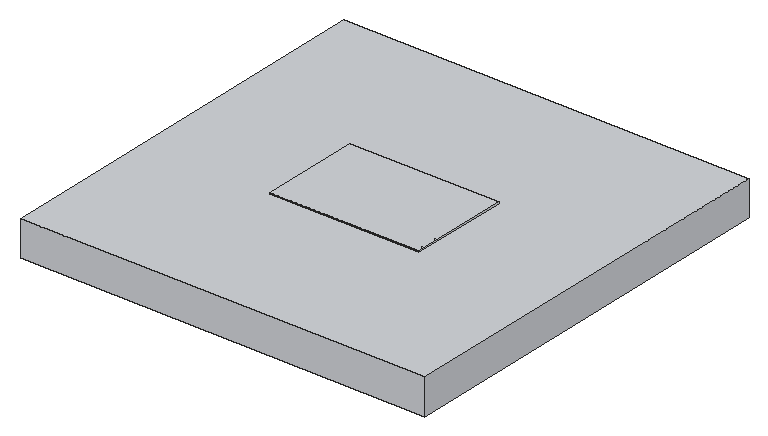
Revit family "Grelha de retorno - Grelha retangular com Plenum - Horizontal - Hospedada", category Terminais de ar, Revit 2019
Family settings
  Hospedeiro = Face
  Cota do conector redondo = Utilizar diâmetro
  Tipo de parte = Normal
  ID de item do Seek = Exhaust Grille - Rectangular Face Square Neck - Hosted-0000-CAN-ENU
  Corte com vazios quando carregada = Não
  Compartilhado = Não
  Ponto de cálculo do ambiente = Não
Parameters (values of type "Padrão")
  Área seccional = 0.00 m²
  Queda de pressão [instance] = 1.5 Pa
  Largura do plenum = 860 mm
  Altura do plenum = 560 mm
  Profundidade do Plenum = 200 mm
  Número [instance] = Comprimento 2 / 20 mm  # 27
  Comprimento 2 [instance] = Altura da grelha - 2 * (26.987 mm)  # 546.025 mm
  Comprimento 1 [instance] = Largura da grelha - 2 * 26.987 mm  # 846.025 mm
  Meia largura da grelha [instance] = Largura da grelha / 2  # 450 mm
  Altura da grelha = Altura do plenum + 40 mm  # 600 mm
  Material da grelha = none
  Largura da grelha = Largura do plenum + 40 mm  # 900 mm
  Profundidade da grelha = 51 mm
  Altura do duto [instance] = 300 mm
  Largura do duto [instance] = 500 mm
  Meia largura do Plenum [instance] = Largura do plenum / 2  # 430 mm
  Elevação-padrão = 1200 mm
  Fluxo de ar [instance] = 127.0 L/s
Reference planes
  plane 1 "Centro (frente/trás)": y = 0
  plane 2: z = 0
  plane 3 "Centro (direita/esquerda)": x = 0
  plane 4: x = -450
  plane 5: x = 450
  plane 6: y = 300
  plane 7: y = -300
  plane 8 "1": z = 6.35
  plane 9: y = 280
  plane 10: y = -280
  plane 11: x = -430
  plane 12: x = 430
  plane 13: z = -44.45
  plane 14: x = -423.012
  plane 15: x = 423.013
  plane 16: y = 273.012
  plane 17: y = -273.013
  plane 18 "Plenum": z = -200
  plane 19: y = 253.012
Forms (mm)
  Extrusion 1, solid
    sketch origin (0, 0, 0) x (1, 0, 0) y (0, 1, 0)
      loop
        line (-1216.8, 1219.2) -> (-1216.8, -1219.2) -> (1216.8, -1219.2) -> (1216.8, 1219.2) -> (-1216.8, 1219.2)
    from 0 to -214.45
  Extrusion 2, solid, material <- "Material da grelha"
    sketch origin (0, 0, 0) x (1, 0, 0) y (0, 1, 0)
      loop
        line (-450, 300) -> (-450, -300) -> (450, -300) -> (450, 300) -> (-450, 300)
    from 0 to 6.35
  Extrusion 3, solid, material <- "Material da grelha"
    sketch origin (0, 0, 0) x (1, 0, 0) y (0, 1, 0)
      loop
        line (-430, 280) -> (-430, -280) -> (430, -280) -> (430, 280) -> (-430, 280)
    from 0 to -200
Cuts and joins
  joined: Extrusion 2, Extrusion 3
Lines and regions (mm)
  model lines
    curve 1: line (-423.013, 273.012, 6.35) -> (-423.013, -273.013, 6.35)
    curve 2: line (423.013, 273.012, 6.35) -> (423.013, -273.013, 6.35)
    curve 3: line (-423.013, -273.013, 6.35) -> (423.013, -273.013, 6.35)
Dimensions and locks
  equal spacing: plane 6, plane 1 "Centro (frente/trás)", plane 7
  "Altura da grelha": plane 6 to plane 7
  locked: plane 8 "1" to plane 2 at 6.35
  equal spacing: plane 9, plane 1 "Centro (frente/trás)", plane 10
  locked: plane 2 to plane 13 at 44.45
  locked: plane 4 to plane 14 at 26.987
  locked: plane 15 to plane 5 at 26.988
  locked: plane 6 to plane 16 at 26.988
  locked: plane 17 to plane 7 at 26.988
  "Meia largura do Plenum": plane 11 to plane 3 "Centro (direita/esquerda)"
  "Meia largura do Plenum": plane 3 "Centro (direita/esquerda)" to plane 12
  "Meia largura da grelha": plane 4 to plane 3 "Centro (direita/esquerda)"
  "Meia largura da grelha": plane 3 "Centro (direita/esquerda)" to plane 5
  "Profundidade do Plenum": plane 2 to plane 18 "Plenum"
  "Altura do plenum": plane 9 to plane 10
  locked: plane 16 to plane 19 at 20
  equal spacing: group 1, group 2, group 3, group 4, group 5, group 6, group 7, group 8, group 9, group 10, group 11, group 12, group 13, group 14, group 15, group 16, group 17, group 18, group 19, group 20, group 21, group 22, group 23, group 24, group 25, group 26, group 27  (x2)
  equal spacing: group 27, group 26, group 25, group 24, group 23, group 22, group 21, group 20, group 19, group 18, group 17, group 16, group 15, group 14, group 13, group 12, group 11, group 10, group 9, group 8, group 7, group 6, group 5, group 4, group 3, group 2, group 1
  aligned and locked: plane 2 to Extrusion 1
  aligned and locked: level to Extrusion 1
  aligned and locked: plane 4 to Extrusion 2 sketch curve
  aligned and locked: Extrusion 2 sketch curve to plane 6
  aligned and locked: plane 7 to Extrusion 2 sketch curve
  aligned and locked: Extrusion 2 sketch curve to plane 5
  aligned and locked: plane 8 "1" to Extrusion 2
  aligned and locked: Extrusion 2 to plane 2
  aligned and locked: plane 11 to Extrusion 3 sketch curve
  aligned and locked: Extrusion 3 sketch curve to plane 9
  aligned and locked: plane 10 to Extrusion 3 sketch curve
  aligned and locked: Extrusion 3 sketch curve to plane 12
  aligned and locked: plane 2 to Extrusion 3
  aligned and locked: plane 17 to curve 2
  aligned and locked: curve 2 to plane 15
  aligned and locked: plane 16 to curve 2
  aligned and locked: curve 1 to curve 3
  aligned and locked: curve 2 to curve 3
  aligned and locked: curve 3 to plane 17
  aligned and locked: Extrusion 3 to plane 18 "Plenum"
  aligned and locked: nested 1 to plane 8 "1"
  aligned and locked: plane 14 to nested 1
  aligned and locked: plane 15 to nested 1
  aligned and locked: nested 1 to plane 16
  aligned and locked: plane 14 to nested 2
  aligned and locked: plane 15 to nested 2
  aligned and locked: nested 2 to plane 19
  aligned and locked: nested 2 to plane 8 "1"
Automatic sketch dimensions
  curve 1 to plane 16 = 0 mm
  curve 3 to plane 14 = 0 mm
  Extrusion 1 sketch curve to Extrusion 1 sketch curve = 2433.6 mm
  Extrusion 1 sketch curve to Extrusion 1 sketch curve = 2438.4 mm
Nested families
  nested 1: "M_Grelha do exaustor do pescoço quadrado com face retangular - Grelha-hospedada" at (-423.012, 273.013, 6.35), type "Grelha do exaustor do pescoço quadrado com face retangular - Grelha-hospedada"
  nested 2: "M_Grelha do exaustor do pescoço quadrado com face retangular - Grelha-hospedada" at (-423.012, 253.013, 6.35), type "Grelha do exaustor do pescoço quadrado com face retangular - Grelha-hospedada"
  nested 3: "M_Grelha do exaustor do pescoço quadrado com face retangular - Grelha-hospedada" at (-423.012, 233.013, 6.35), type "Grelha do exaustor do pescoço quadrado com face retangular - Grelha-hospedada"
  nested 4: "M_Grelha do exaustor do pescoço quadrado com face retangular - Grelha-hospedada" at (-423.012, 213.013, 6.35), type "Grelha do exaustor do pescoço quadrado com face retangular - Grelha-hospedada"
  nested 5: "M_Grelha do exaustor do pescoço quadrado com face retangular - Grelha-hospedada" at (-423.012, 193.013, 6.35), type "Grelha do exaustor do pescoço quadrado com face retangular - Grelha-hospedada"
  nested 6: "M_Grelha do exaustor do pescoço quadrado com face retangular - Grelha-hospedada" at (-423.012, 173.013, 6.35), type "Grelha do exaustor do pescoço quadrado com face retangular - Grelha-hospedada"
  nested 7: "M_Grelha do exaustor do pescoço quadrado com face retangular - Grelha-hospedada" at (-423.012, 153.013, 6.35), type "Grelha do exaustor do pescoço quadrado com face retangular - Grelha-hospedada"
  nested 8: "M_Grelha do exaustor do pescoço quadrado com face retangular - Grelha-hospedada" at (-423.012, 133.013, 6.35), type "Grelha do exaustor do pescoço quadrado com face retangular - Grelha-hospedada"
  nested 9: "M_Grelha do exaustor do pescoço quadrado com face retangular - Grelha-hospedada" at (-423.012, 113.013, 6.35), type "Grelha do exaustor do pescoço quadrado com face retangular - Grelha-hospedada"
  nested 10: "M_Grelha do exaustor do pescoço quadrado com face retangular - Grelha-hospedada" at (-423.012, 93.013, 6.35), type "Grelha do exaustor do pescoço quadrado com face retangular - Grelha-hospedada"
  nested 11: "M_Grelha do exaustor do pescoço quadrado com face retangular - Grelha-hospedada" at (-423.012, 73.013, 6.35), type "Grelha do exaustor do pescoço quadrado com face retangular - Grelha-hospedada"
  nested 12: "M_Grelha do exaustor do pescoço quadrado com face retangular - Grelha-hospedada" at (-423.012, 53.013, 6.35), type "Grelha do exaustor do pescoço quadrado com face retangular - Grelha-hospedada"
  nested 13: "M_Grelha do exaustor do pescoço quadrado com face retangular - Grelha-hospedada" at (-423.012, 33.013, 6.35), type "Grelha do exaustor do pescoço quadrado com face retangular - Grelha-hospedada"
  nested 14: "M_Grelha do exaustor do pescoço quadrado com face retangular - Grelha-hospedada" at (-423.012, 13.013, 6.35), type "Grelha do exaustor do pescoço quadrado com face retangular - Grelha-hospedada"
  nested 15: "M_Grelha do exaustor do pescoço quadrado com face retangular - Grelha-hospedada" at (-423.012, -6.987, 6.35), type "Grelha do exaustor do pescoço quadrado com face retangular - Grelha-hospedada"
  nested 16: "M_Grelha do exaustor do pescoço quadrado com face retangular - Grelha-hospedada" at (-423.012, -26.987, 6.35), type "Grelha do exaustor do pescoço quadrado com face retangular - Grelha-hospedada"
  nested 17: "M_Grelha do exaustor do pescoço quadrado com face retangular - Grelha-hospedada" at (-423.012, -46.987, 6.35), type "Grelha do exaustor do pescoço quadrado com face retangular - Grelha-hospedada"
  nested 18: "M_Grelha do exaustor do pescoço quadrado com face retangular - Grelha-hospedada" at (-423.012, -66.987, 6.35), type "Grelha do exaustor do pescoço quadrado com face retangular - Grelha-hospedada"
  nested 19: "M_Grelha do exaustor do pescoço quadrado com face retangular - Grelha-hospedada" at (-423.012, -86.987, 6.35), type "Grelha do exaustor do pescoço quadrado com face retangular - Grelha-hospedada"
  nested 20: "M_Grelha do exaustor do pescoço quadrado com face retangular - Grelha-hospedada" at (-423.012, -106.987, 6.35), type "Grelha do exaustor do pescoço quadrado com face retangular - Grelha-hospedada"
  nested 21: "M_Grelha do exaustor do pescoço quadrado com face retangular - Grelha-hospedada" at (-423.012, -126.987, 6.35), type "Grelha do exaustor do pescoço quadrado com face retangular - Grelha-hospedada"
  nested 22: "M_Grelha do exaustor do pescoço quadrado com face retangular - Grelha-hospedada" at (-423.012, -146.987, 6.35), type "Grelha do exaustor do pescoço quadrado com face retangular - Grelha-hospedada"
  nested 23: "M_Grelha do exaustor do pescoço quadrado com face retangular - Grelha-hospedada" at (-423.012, -166.987, 6.35), type "Grelha do exaustor do pescoço quadrado com face retangular - Grelha-hospedada"
  nested 24: "M_Grelha do exaustor do pescoço quadrado com face retangular - Grelha-hospedada" at (-423.012, -186.987, 6.35), type "Grelha do exaustor do pescoço quadrado com face retangular - Grelha-hospedada"
  nested 25: "M_Grelha do exaustor do pescoço quadrado com face retangular - Grelha-hospedada" at (-423.012, -206.987, 6.35), type "Grelha do exaustor do pescoço quadrado com face retangular - Grelha-hospedada"
  nested 26: "M_Grelha do exaustor do pescoço quadrado com face retangular - Grelha-hospedada" at (-423.012, -226.987, 6.35), type "Grelha do exaustor do pescoço quadrado com face retangular - Grelha-hospedada"
  nested 27: "M_Grelha do exaustor do pescoço quadrado com face retangular - Grelha-hospedada" at (-423.012, -246.987, 6.35), type "Grelha do exaustor do pescoço quadrado com face retangular - Grelha-hospedada"
Connectors
  hvac at (0, 0, -200), driven by "Queda de pressão", driven by "Fluxo de ar", driven by "Altura do duto", driven by "Largura do duto"
    settings: on Extrusion 3, index 1, duct flow 127.0 L/s, flow factor 0, pres drop 1.5 Pa, loss coef 0, conn angle 0.00°, conn width 500 mm, conn height 300 mm, conn diameter 609.6 mm, duct sys type 2, conn prof type 1, flow config 1, flow direction 2, loss method 4, conn ref index -1, conn util no, is conn primary yes, conn desc "Saída de ar"
Definition of nested family "M_Grelha do exaustor do pescoço quadrado com face retangular - Grelha-hospedada"
  Parameters
    Comprimento = 287.3 mm
    Assembly Code = ""
  Reference planes
    plane 1 "Centro (frente/trás)": y = 0
    plane 2: z = 0
    plane 3 "Centro (direita/esquerda)": x = 0
    plane 4: x = 287.3
  Lines and regions (mm)
    model lines
      curve 1: line (0, 0, 0) -> (287.3, 0, 0)
  Dimensions and locks
    "Comprimento": plane 4 to plane 3 "Centro (direita/esquerda)"
    aligned and locked: plane 3 "Centro (direita/esquerda)" to curve 1
    aligned and locked: plane 4 to curve 1
    aligned and locked: plane 1 "Centro (frente/trás)" to curve 1
Types in the file's own list only (43): name | Área seccional | Largura do plenum | Altura do plenum | Altura da grelha | Largura da grelha
  225 x 75mm | 0.01 m² | 225 mm | 75 mm | 115 mm | 265 mm
  325 x 75mm | 0.01 m² | 325 mm | 75 mm | 115 mm | 365 mm
  425 x 75mm | 0.02 m² | 425 mm | 75 mm | 115 mm | 465 mm
  525 x 75mm | 0.02 m² | 525 mm | 75 mm | 115 mm | 565 mm
  625 x 75mm | 0.02 m² | 625 mm | 75 mm | 115 mm | 665 mm
  825 x 75mm | 0.03 m² | 825 mm | 75 mm | 115 mm | 865 mm
  1025 x 75mm | 0.04 m² | 1025 mm | 75 mm | 115 mm | 1065 mm
  1225 x 75mm | 0.05 m² | 1225 mm | 75 mm | 115 mm | 1265 mm
  225 x 125mm | 0.01 m² | 225 mm | 125 mm | 165 mm | 265 mm
  325 x 125mm | 0.02 m² | 325 mm | 125 mm | 165 mm | 365 mm
  425 x 125mm | 0.03 m² | 425 mm | 125 mm | 165 mm | 465 mm
  525 x 125mm | 0.04 m² | 525 mm | 125 mm | 165 mm | 565 mm
  625 x 125mm | 0.04 m² | 625 mm | 125 mm | 165 mm | 665 mm
  825 x 125mm | 0.06 m² | 825 mm | 125 mm | 165 mm | 865 mm
  1025 x 125mm | 0.07 m² | 1025 mm | 125 mm | 165 mm | 1065 mm
  1225 x 125mm | 0.09 m² | 1225 mm | 125 mm | 165 mm | 1265 mm
  225 x 165mm | 0.02 m² | 225 mm | 165 mm | 205 mm | 265 mm
  325 x 165mm | 0.03 m² | 325 mm | 165 mm | 205 mm | 365 mm
  425 x 165mm | 0.04 m² | 425 mm | 165 mm | 205 mm | 465 mm
  525 x 165mm | 0.05 m² | 525 mm | 165 mm | 205 mm | 565 mm
  625 x 165mm | 0.06 m² | 625 mm | 165 mm | 205 mm | 665 mm
  825 x 165mm | 0.08 m² | 825 mm | 165 mm | 205 mm | 865 mm
  1025 x 165mm | 0.10 m² | 1025 mm | 165 mm | 205 mm | 1065 mm
  1225 x 165mm | 0.12 m² | 1225 mm | 165 mm | 205 mm | 1265 mm
  325 x 225mm | 0.04 m² | 325 mm | 225 mm | 265 mm | 365 mm
  425 x 225mm | 0.06 m² | 425 mm | 225 mm | 265 mm | 465 mm
  525 x 225mm | 0.07 m² | 525 mm | 225 mm | 265 mm | 565 mm
  625 x 225mm | 0.09 m² | 625 mm | 225 mm | 265 mm | 665 mm
  825 x 225mm | 0.12 m² | 825 mm | 225 mm | 265 mm | 865 mm
  1025 x 225mm | 0.15 m² | 1025 mm | 225 mm | 265 mm | 1065 mm
  1225 x 225mm | 0.18 m² | 1225 mm | 225 mm | 265 mm | 1265 mm
  425 x 325mm | 0.09 m² | 425 mm | 325 mm | 365 mm | 465 mm
  525 x 325mm | 0.11 m² | 525 mm | 325 mm | 365 mm | 565 mm
  625 x 325mm | 0.13 m² | 625 mm | 325 mm | 365 mm | 665 mm
  825 x 325mm | 0.18 m² | 825 mm | 325 mm | 365 mm | 865 mm
  1025 x 325mm | 0.22 m² | 1025 mm | 325 mm | 365 mm | 1065 mm
  1225 x 325mm | 0.27 m² | 1225 mm | 325 mm | 365 mm | 1265 mm
  625 x 425mm | 0.18 m² | 625 mm | 425 mm | 465 mm | 665 mm
  825 x 425mm | 0.24 m² | 825 mm | 425 mm | 465 mm | 865 mm
  1025 x 425mm | 0.30 m² | 1025 mm | 425 mm | 465 mm | 1065 mm
  1225 x 425mm | 0.36 m² | 1225 mm | 425 mm | 465 mm | 1265 mm
  1025 x 525mm | 0.37 m² | 1025 mm | 525 mm | 565 mm | 1065 mm
  1225 x 525mm | 0.45 m² | 1225 mm | 525 mm | 565 mm | 1265 mm
